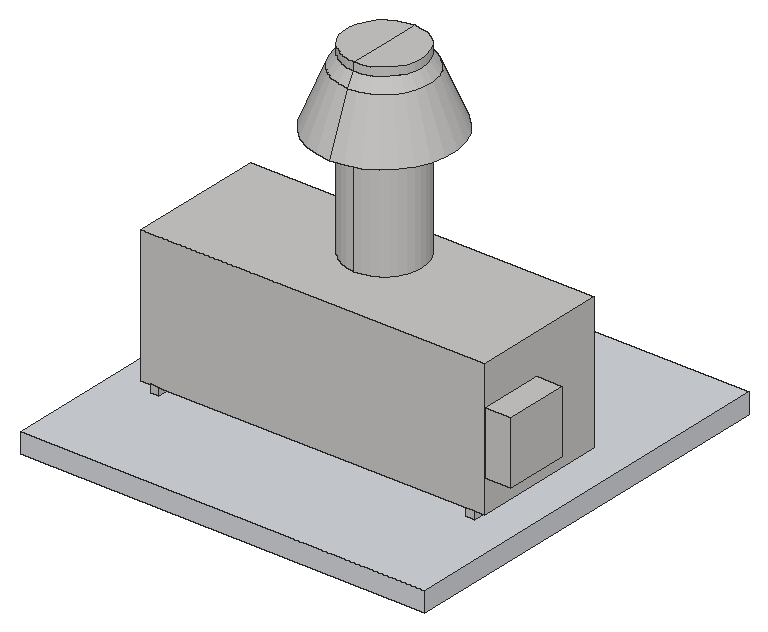
Revit family "DC_Rheem_PLM_Raypak_B1722ID", category Plumbing Fixtures, host Face, Revit 2017
Family settings
  Host = Face
  Round Connector Dimension = Use Radius
  Part Type = Normal
  Cut with Voids When Loaded = No
  Shared = No
  Room Calculation Point = No
Parameters
  Width_ANZRS = 825 mm
  URL = "http://www.rheem.com.au/downloads/PDF/Raypak_Mechanical_Heating_Brochure_July_09.pdf\r\n"
  Type Comments = "Recovery 6020L/h @ 50°C rise\r\n"
  Materials_ANZRS = Raypak - Grey Powder Coated Steel
  PRV_ANZRS = 15 mm
  Model = "B1722PCO/ID\r\n"
  Manufacturer = "Raypak\r\n"
  HotWaterOutletRadius_ANZRS = 32.5 mm
  HotWaterOutletDiameter_ANZRS = HotWaterOutletRadius_ANZRS * 2  # 65 mm
  Height_ANZRS = 1990 mm
  GasInletRadius_ANZRS = 20 mm
  GasInletHeight_ANZRS = 410 mm
  GasInletDiameter_ANZRS = GasInletRadius_ANZRS * 2  # 40 mm
  DesignBy_ANZRS = "Design Content ©"
  Description = "Raypak - Gas Water Heater- Indoor - 1581 MJ/h  Propane gas, On/Off gas control"
  Default Elevation = 0 mm
  ConnectionHeight_ANZRS = 755 mm
  ColdWaterInletRadius_ANZRS = 32.5 mm
  ColdWaterInletDiameter_ANZRS = ColdWaterInletRadius_ANZRS * 2  # 65 mm
  BoxHeight_ANZRS = 860 mm
  Author_ANZRS = "DM"
  Assembly Code = ""
Types (5, lengths in mm): name | URL | Type Comments | Model | GasInletRadius_ANZRS | GasInletDiameter_ANZRS | Description
  (no name) | "http://www.rheem.com.au/downloads/PDF/Raypak_Mechanical_Heating_Brochure_July_09.pdf\r\n" | "Recovery 6020L/h @ 50°C rise\r\n" | "B1722PCO/ID\r\n" | 20 | 40 | "Raypak - Gas Water Heater- Indoor - 1581 MJ/h  Propane gas, On/Off gas control"
  Raypak - Gas Water Heater- Indoor - 1719 MJ/h  Natural gas, modulating gas control | "http://www.rheem.com.au/CommercialProducts" | "Recovery 6536L/h @ 50°C rise\r\n" | "B1722NCM/ID\r\n" | 25 | 50 | "Raypak - Gas Water Heater- Indoor - 1719 MJ/h  Natural gas, modulating gas control"
  Raypak - Gas Water Heater- Indoor - 1719 MJ/h  Natural gas, On/Off gas control | "http://www.rheem.com.au/CommercialProducts" | "Recovery 6536L/h @ 50°C rise\r\n" | "B1722NCO/ID\r\n" | 25 | 50 | "Raypak - Gas Water Heater- Indoor - 1719 MJ/h  Natural gas, On/Off gas control\r\n"
  Raypak - Gas Water Heater- Indoor - 1581 MJ/h  Propane gas, modulating gas control | "http://www.rheem.com.au/CommercialProducts" | "Recovery 6020L/h @ 50°C rise\r\n" | "B1722PCM/ID\r\n" | 12.5 | 25 | "Raypak - Gas Water Heater- Indoor - 1581 MJ/h  Propane gas, modulating gas control\r\n"
  Raypak - Gas Water Heater- Indoor - 1581 MJ/h  Propane gas, On/Off gas control | "http://www.rheem.com.au/CommercialProducts" | "Recovery 6020L/h @ 50°C rise\r\n" | "B1722PCO/ID\r\n" | 20 | 40 | "Raypak - Gas Water Heater- Indoor - 1581 MJ/h  Propane gas, On/Off gas control"
Reference planes
  plane 1 "Center (Front/Back)": y = 0
  plane 2: z = 0
  plane 3 "Center (Left/Right)": x = 0
  plane 4: z = 1990
  plane 5: z = 860
  plane 6: z = 755
  plane 7: z = 410
  plane 8: y = 285
  plane 9: y = -540
  plane 10: y = 200
  plane 11: y = 130
  plane 12: y = -150
  plane 13: y = -410
  plane 14: y = 227.5
  plane 15: y = -227.5
  plane 16: x = -1035
  plane 17: x = 1035
  plane 18: x = -1085
  plane 19: x = -975
  plane 20: x = -925
  plane 21: x = 925
  plane 22: x = 975
  plane 23: z = 45
  plane 24: z = 245
  plane 25: z = 625
  plane 26: x = 1195
  plane 27: z = 1539.364
  plane 28: z = 1869.164
  plane 29: z = 1941.464
  plane 30: y = -227.5
  plane 31: y = -155
Forms (mm)
  Extrusion 1, solid
    sketch origin (0, 0, 0) x (1, 0, 0) y (0, 1, 0)
      loop
        line (-1219.2, 1219.2) -> (-1219.2, -1219.2) -> (1219.2, -1219.2) -> (1219.2, 1219.2) -> (-1219.2, 1219.2)
    from 0 to -120
  Extrusion 2, solid, material "Raypak - Grey Powder Coated Steel" <- "Materials_ANZRS"
    sketch origin (0, 0, 0) x (1, 0, 0) y (0, 1, 0)
      loop
        line (-1035, 285) -> (-1035, -540) -> (1035, -540) -> (1035, 285) -> (-1035, 285)
    from 45 to 860
  Revolve 3, solid, material "Raypak - Grey Powder Coated Steel" <- "Materials_ANZRS"
    sketch origin (0, 0, 105) x (0, 1, 0) y (0, 0, 1)
      loop
        line (0, 1885) -> (-227.5, 1885) -> (-227.5, 1836.464) -> (-276.845, 1764.164) -> (-410.093, 1434.364) -> (-227.5, 1434.364) -> (-227.5, 755) -> (0, 755) -> (0, 1885)
      axis (0, 1885) -> (0, 755)
    angle from 0 to 360
  Extrusion 4, void
    sketch origin (0, 0, 0) x (0, 1, 0) y (0, 0, 1)
      loop
        circle (200, 755) r 15
      loop
        circle (130, 755) r 32.5
      loop
        circle (-150, 755) r 32.5
    from -1035 to -856.802
  Extrusion 5, solid, material "Raypak - Grey Powder Coated Steel" <- "Materials_ANZRS"
    sketch origin (0, 0, 0) x (0, 1, 0) y (0, 0, 1)
      loop
        circle (-410, 410) r 20
    from -1085 to -1035
  Extrusion 6, solid, material "Raypak - Grey Powder Coated Steel" <- "Materials_ANZRS"
    sketch origin (0, 0, 0) x (1, 0, 0) y (0, 0, 1)
      loop
        line (-925, 0) -> (-925, 45) -> (-975, 45) -> (-975, 0) -> (-925, 0)
      loop
        line (975, 0) -> (975, 45) -> (925, 45) -> (925, 0) -> (975, 0)
    from -285 to 540
  Extrusion 7, solid, material "Raypak - Grey Powder Coated Steel" <- "Materials_ANZRS"
    sketch origin (0, 0, 0) x (1, 0, 0) y (0, 0, 1)
      loop
        line (1035, 625) -> (1035, 245) -> (1195, 245) -> (1195, 625) -> (1035, 625)
    from 155 to 540
Cuts and joins
  Extrusion 4 cuts Extrusion 2
Lines and regions (mm)
  Masking region 1
    outline origin (0, 0, 0) x (1, 0, 0) y (0, 1, 0)
      loop
        line (-1035, -540) -> (1035, -540) -> (1195, -540) -> (1195, -155) -> (1035, -155) -> (1035, 285) -> (294.875, 285)
        arc (294.875, 285) -> (160.156, 377.526) -> (0, 410.093) r 410.093
        arc (0, 410.093) -> (-160.156, 377.526) -> (-294.875, 285) r 410.093
        line (-294.875, 285) -> (-1035, 285) -> (-1035, -540)
  Masking region 2
    outline origin (0, 0, 0) x (1, 0, 0) y (0, 0, 1)
      loop
        line (-975, 0) -> (-925, 0) -> (-925, 45) -> (925, 45) -> (925, 0) -> (975, 0) -> (975, 45) -> (1035, 45) -> (1035, 245) -> (1195, 245) -> (1195, 625) -> (1035, 625) -> (1035, 860) -> (227.5, 860) -> (227.5, 1539.364) -> (410.093, 1539.364) -> (276.845, 1869.164) -> (227.5, 1941.464) -> (227.5, 1990) -> (0, 1990) -> (-227.5, 1990) -> (-227.5, 1941.464) -> (-276.845, 1869.164) -> (-410.093, 1539.364) -> (-227.5, 1539.364) -> (-227.5, 860) -> (-1035, 860) -> (-1035, 45) -> (-975, 45) -> (-975, 0)
  Masking region 3
    outline origin (0, 0, 0) x (0, 1, 0) y (0, 0, 1)
      loop
        line (-227.5, 1990) -> (-227.5, 1941.464) -> (-276.845, 1869.164) -> (-410.093, 1539.364) -> (-227.5, 1539.364) -> (-227.5, 860) -> (-540, 860) -> (-540, 0) -> (285, 0) -> (285, 860) -> (227.5, 860) -> (227.5, 1539.364) -> (410.093, 1539.364) -> (276.845, 1869.164) -> (227.5, 1941.464) -> (227.5, 1990) -> (-227.5, 1990)
  symbolic lines, style "Rheem Raypak", detail levels fine
    curve 1: line (0, 285, 0) -> (0, 285, 860)
    curve 2: line (0, 285, 860) -> (0, -540, 860)
    curve 3: line (0, -540, 860) -> (0, -540, 0)
    curve 4: arc (0, 97.5, 755) -> (0, 130, 722.5) -> (0, 162.5, 755) r 32.5
    curve 5: arc (0, 162.5, 755) -> (0, 130, 787.5) -> (0, 97.5, 755) r 32.5
    curve 6: arc (0, 185, 755) -> (0, 200, 740) -> (0, 215, 755) r 15
    curve 7: arc (0, 215, 755) -> (0, 200, 770) -> (0, 185, 755) r 15
    curve 8: arc (0, -182.5, 755) -> (0, -150, 722.5) -> (0, -117.5, 755) r 32.5
    curve 9: arc (0, -117.5, 755) -> (0, -150, 787.5) -> (0, -182.5, 755) r 32.5
    curve 10: arc (0, -390, 410) -> (0, -410, 390) -> (0, -430, 410) r 20
    curve 11: arc (0, -430, 410) -> (0, -410, 430) -> (0, -390, 410) r 20
    curve 12: line (0, -540, 45) -> (0, 285, 45)
    curve 13: line (0, -540, 0) -> (0, 285, 0)
    curve 14: line (-227.5, 0, 1990) -> (203.249, 0, 1990)
    curve 15: line (-227.5, 0, 1941.464) -> (227.5, 0, 1941.464)
    curve 16: line (-276.845, 0, 1869.164) -> (276.845, 0, 1869.164)
    curve 17: line (-410.093, 0, 1539.364) -> (410.093, 0, 1539.364)
    curve 18: line (1035, 0, 860) -> (-1035, 0, 860)
    curve 19: line (-1035, 0, 45) -> (1035, 0, 45)
    curve 20: line (925, 0, 0) -> (975, 0, 0)
    curve 21: line (-975, 0, 0) -> (-925, 0, 0)
    curve 22: line (1195, 0, 625) -> (1035, 0, 625)
    curve 23: line (1035, 0, 245) -> (1195, 0, 245)
    curve 24: line (1195, 0, 245) -> (1195, 0, 625)
    curve 25: line (227.5, 0, 1539.364) -> (227.5, 0, 860)
    curve 26: line (-227.5, 0, 1990) -> (-227.5, 0, 1941.464)
    curve 27: line (-410.093, 0, 1539.364) -> (-276.845, 0, 1869.164)
    curve 28: line (-227.5, 0, 1539.364) -> (-227.5, 0, 860)
    curve 29: line (-975, 0, 45) -> (-975, 0, 0)
    curve 30: line (-925, 0, 0) -> (-925, 0, 45)
    curve 31: line (975, 0, 0) -> (975, 0, 45)
    curve 32: line (925, 0, 45) -> (925, 0, 0)
    curve 33: line (-1085, 0, 425) -> (-1085, 0, 395)
    curve 34: line (-1085, 0, 425) -> (-1035, 0, 425)
    curve 35: line (-1085, 0, 395) -> (-1035, 0, 395)
    curve 36: arc (0, -410.093, 0) -> (410.093, 0, 0) -> (0, 410.093, 0) r 410.093
    curve 37: arc (0, 410.093, 0) -> (-410.093, 0, 0) -> (0, -410.093, 0) r 410.093
    curve 38: arc (0, -227.5, 0) -> (-227.5, 0, 0) -> (0, 227.5, 0) r 227.5
    curve 39: arc (0, -276.845, 0) -> (-276.845, 0, 0) -> (0, 276.845, 0) r 276.845
    curve 40: arc (0, 227.5, 0) -> (227.5, 0, 0) -> (0, -227.5, 0) r 227.5
    curve 41: arc (0, 276.845, 0) -> (276.845, 0, 0) -> (0, -276.845, 0) r 276.845
    curve 42: line (1035, 285, 0) -> (294.875, 285, 0)
    curve 43: line (-1035, 285, 0) -> (-1035, -540, 0)
    curve 44: line (-1035, -540, 0) -> (1035, -540, 0)
    curve 45: line (1035, -540, 0) -> (1035, 285, 0)
    curve 46: line (1195, -540, 0) -> (1195, -155, 0)
    curve 47: line (1195, -155, 0) -> (1035, -155, 0)
    curve 48: line (1035, -540, 0) -> (1195, -540, 0)
    curve 49: line (-1085, -395, 0) -> (-1085, -425, 0)
    curve 50: line (-1085, -395, 0) -> (-1035, -395, 0)
    curve 51: line (-1085, -425, 0) -> (-1035, -425, 0)
    curve 52: line (0, 227.5, 1539.364) -> (0, 227.5, 860)
    curve 53: line (0, -227.5, 1539.364) -> (0, -227.5, 860)
    curve 54: line (-1035, 0, 860) -> (-1035, 0, 45)
    curve 55: line (1035, 0, 45) -> (1035, 0, 860)
    curve 56: line (-294.875, 285, 0) -> (-1035, 285, 0)
    curve 57: line (-410.093, 0, 1539.364) -> (-276.845, 0, 1869.164)
    curve 58: line (-227.5, 0, 1941.464) -> (-276.845, 0, 1869.164)
    curve 59: line (-227.5, 0, 1941.464) -> (-227.5, 0, 1990)
    curve 60: line (227.5, 0, 1990) -> (227.5, 0, 1941.464)
    curve 61: line (227.5, 0, 1941.464) -> (276.845, 0, 1869.164)
    curve 62: line (227.5, 0, 1941.464) -> (227.5, 0, 1990)
    curve 63: line (410.093, 0, 1539.364) -> (276.845, 0, 1869.164)
    curve 64: line (0, 227.5, 1941.464) -> (0, -227.5, 1941.464)
    curve 65: line (0, 276.845, 1869.164) -> (0, -276.845, 1869.164)
    curve 66: line (0, -227.5, 1990) -> (0, 227.5, 1990)
    curve 67: line (0, -410.093, 1539.364) -> (0, 410.093, 1539.364)
    curve 68: line (0, 227.5, 1990) -> (0, 227.5, 1941.464)
    curve 69: line (0, -227.5, 1990) -> (0, -227.5, 1941.464)
    curve 70: line (0, 410.093, 1539.364) -> (0, 276.845, 1869.164)
    curve 71: line (0, 276.845, 1869.164) -> (0, 227.5, 1941.464)
    curve 72: line (0, -410.093, 1539.364) -> (0, -276.845, 1869.164)
    curve 73: line (0, -276.845, 1869.164) -> (0, -227.5, 1941.464)
Dimensions and locks
  "Height_ANZRS": plane 4 to level
  "BoxHeight_ANZRS": plane 5 to level
  "ConnectionHeight_ANZRS": plane 6 to Extrusion 1
  "GasInletHeight_ANZRS": plane 7 to level
  plane 8 to plane 9 = 825 mm
  plane 8 to plane 10 = 85 mm
  plane 8 to plane 11 = 155 mm
  plane 11 to plane 12 = 280 mm
  plane 13 to plane 9 = 130 mm
  plane 1 "Center (Front/Back)" to plane 9 = 540 mm
  locked: plane 19 to plane 16 at 60
  locked: plane 20 to plane 19 at 50
  locked: plane 17 to plane 22 at 60
  locked: plane 22 to plane 21 at 50
  plane 23 to level = 45 mm
  plane 24 to level = 245 mm
  plane 25 to plane 24 = 380 mm
  locked: plane 17 to plane 26 at 160
  plane 4 to plane 29 to plane 28 to plane 27 = 48.536 mm locked, 72.3 mm locked, 329.8 mm locked
  equal spacing: plane 17, plane 3 "Center (Left/Right)", plane 16
  plane 17 to plane 16 = 2070 mm
  equal spacing: plane 14, plane 1 "Center (Front/Back)", plane 15
  plane 14 to plane 15 = 455 mm
  plane 1 "Center (Front/Back)" to plane 30 = 227.5 mm
  locked: plane 16 to plane 18 at 50
  "GasInletRadius_ANZRS": radius of Extrusion 5 sketch curve
  "HotWaterOutletRadius_ANZRS": radius of Extrusion 4 sketch curve
  "ColdWaterInletRadius_ANZRS": radius of Extrusion 4 sketch curve
  "PRV_ANZRS": radius of Extrusion 4 sketch curve
  aligned and locked: plane 2 to Extrusion 1
  aligned and locked: level to Extrusion 1
  aligned and locked: plane 8 to Extrusion 2 sketch curve
  aligned and locked: plane 16 to Extrusion 2 sketch curve
  aligned and locked: plane 9 to Extrusion 2 sketch curve
  aligned and locked: plane 17 to Extrusion 2 sketch curve
  aligned and locked: plane 5 to Extrusion 2
  aligned and locked: Revolve 3 sketch curve to plane 1 "Center (Front/Back)"
  aligned and locked: plane 11 to Extrusion 4 sketch curve
  aligned and locked: plane 10 to Extrusion 4 sketch curve
  aligned and locked: plane 6 to Extrusion 4 sketch curve  (x3)
  aligned and locked: Extrusion 4 to plane 16
  aligned and locked: plane 7 to Extrusion 5 sketch curve
  aligned and locked: plane 13 to Extrusion 5 sketch curve
  aligned and locked: plane 16 to Extrusion 5
  aligned and locked: Extrusion 5 to plane 18
  aligned and locked: Extrusion 2 to plane 23
  aligned and locked: level to Extrusion 6 sketch curve  (x2)
  aligned and locked: Extrusion 6 sketch curve to plane 20
  aligned and locked: Extrusion 6 sketch curve to plane 23
  aligned and locked: plane 19 to Extrusion 6 sketch curve
  aligned and locked: Extrusion 6 sketch curve to plane 22
  aligned and locked: plane 21 to Extrusion 6 sketch curve
  aligned and locked: plane 23 to Extrusion 6 sketch curve
  aligned and locked: Extrusion 6 to plane 8
  aligned and locked: Extrusion 6 to plane 9
  aligned and locked: plane 25 to Extrusion 7 sketch curve
  aligned and locked: Extrusion 7 sketch curve to plane 26
  aligned and locked: plane 24 to Extrusion 7 sketch curve
  aligned and locked: cut or joined group of Extrusion 2, Extrusion 4 to Extrusion 7 sketch curve
  aligned and locked: Extrusion 7 to plane 9
  aligned and locked: plane 12 to Extrusion 4 sketch curve
  aligned and locked: Revolve 3 sketch curve to plane 4
  aligned and locked: plane 5 to Revolve 3 sketch curve
  aligned and locked: plane 27 to Revolve 3 sketch curve
  aligned and locked: curve 1 to cut or joined group of Extrusion 2, Extrusion 4
  aligned and locked: curve 2 to cut or joined group of Extrusion 2, Extrusion 4
  aligned and locked: curve 3 to cut or joined group of Extrusion 2, Extrusion 4
  aligned and locked: curve 4 to cut or joined group of Extrusion 2, Extrusion 4
  aligned and locked: curve 5 to cut or joined group of Extrusion 2, Extrusion 4
  aligned and locked: curve 6 to cut or joined group of Extrusion 2, Extrusion 4
  aligned and locked: curve 7 to cut or joined group of Extrusion 2, Extrusion 4
  aligned and locked: curve 8 to cut or joined group of Extrusion 2, Extrusion 4
  aligned and locked: curve 9 to cut or joined group of Extrusion 2, Extrusion 4
  aligned and locked: curve 10 to Extrusion 5
  aligned and locked: curve 11 to Extrusion 5
  aligned and locked: curve 12 to cut or joined group of Extrusion 2, Extrusion 4
  aligned and locked: curve 13 to Extrusion 6
  aligned and locked: curve 14 to Revolve 3
  aligned and locked: curve 15 to plane 29
  aligned and locked: curve 16 to plane 28
  aligned and locked: curve 17 to Revolve 3
  aligned and locked: curve 18 to cut or joined group of Extrusion 2, Extrusion 4
  aligned and locked: curve 19 to cut or joined group of Extrusion 2, Extrusion 4
  aligned and locked: curve 20 to Extrusion 6
  aligned and locked: curve 21 to Extrusion 6
  aligned and locked: curve 22 to Extrusion 7
  aligned and locked: curve 23 to Extrusion 7
  aligned and locked: curve 24 to Extrusion 7
  aligned and locked: plane 5 to curve 28
  aligned and locked: plane 27 to curve 28
  aligned and locked: curve 29 to Extrusion 6
  aligned and locked: curve 30 to Extrusion 6
  aligned and locked: curve 31 to Extrusion 6
  aligned and locked: curve 32 to Extrusion 6
  aligned and locked: Extrusion 5 to curve 33
  aligned and locked: curve 36 to Revolve 3
  aligned and locked: curve 37 to Revolve 3
  aligned and locked: curve 38 to Revolve 3
  aligned and locked: curve 39 to Revolve 3
  aligned and locked: curve 40 to Revolve 3
  aligned and locked: curve 41 to Revolve 3
  aligned and locked: curve 42 to cut or joined group of Extrusion 2, Extrusion 4
  aligned and locked: curve 43 to cut or joined group of Extrusion 2, Extrusion 4
  aligned and locked: curve 44 to cut or joined group of Extrusion 2, Extrusion 4
  aligned and locked: curve 45 to cut or joined group of Extrusion 2, Extrusion 4
  aligned and locked: curve 46 to Extrusion 7
  aligned and locked: curve 47 to Extrusion 7
  aligned and locked: curve 48 to Extrusion 7
  aligned and locked: Extrusion 5 to curve 49
  aligned and locked: plane 14 to curve 52
  aligned and locked: curve 53 to plane 15
  aligned and locked: Masking region 1 sketch curve to curve 44
  aligned and locked: Masking region 1 sketch curve to curve 48
  aligned and locked: Masking region 1 sketch curve to curve 46
  aligned and locked: Masking region 1 sketch curve to curve 47
  aligned and locked: curve 45 to Masking region 1 sketch curve
  aligned and locked: Masking region 1 sketch curve to curve 42
  aligned and locked: Masking region 1 sketch curve to curve 37
  aligned and locked: Masking region 1 sketch curve to curve 36
  aligned and locked: Masking region 1 sketch curve to curve 56
  aligned and locked: Masking region 1 sketch curve to curve 43
  aligned and locked: plane 29 to Revolve 3 sketch curve
  aligned and locked: Revolve 3 sketch curve to plane 15
  aligned and locked: plane 15 to Revolve 3 sketch curve
  aligned and locked: Masking region 2 sketch curve to Extrusion 6  (x6)
  aligned and locked: Masking region 2 sketch curve to cut or joined group of Extrusion 2, Extrusion 4  (x4)
  aligned and locked: Masking region 2 sketch curve to curve 28
  aligned and locked: Masking region 2 sketch curve to Revolve 3  (x3)
  aligned and locked: Masking region 2 sketch curve to curve 58
  aligned and locked: Masking region 2 sketch curve to curve 59
  aligned and locked: Revolve 3 to Masking region 2 sketch curve
  aligned and locked: Masking region 2 sketch curve to curve 63
  aligned and locked: Masking region 2 sketch curve to curve 61
  aligned and locked: Masking region 2 sketch curve to curve 62
  aligned and locked: Masking region 2 sketch curve to curve 25
  aligned and locked: Masking region 2 sketch curve to Extrusion 7  (x3)
  aligned and locked: Masking region 3 sketch curve to Revolve 3  (x2)
  aligned and locked: Masking region 3 sketch curve to curve 52
  aligned and locked: Masking region 3 sketch curve to cut or joined group of Extrusion 2, Extrusion 4  (x3)
  aligned and locked: Masking region 3 sketch curve to Extrusion 6
  aligned and locked: Masking region 3 sketch curve to curve 53
  aligned and locked: plane 31 to Extrusion 7
Automatic sketch dimensions
  Extrusion 1 sketch curve to Extrusion 1 sketch curve = 2438.4 mm  (x2)
  curve 49 to plane 18 = 0 mm
  curve 50 to plane 16 = 0 mm
  plane 8 to curve 56 = 0 mm
  plane 8 to curve 42 = 0 mm
  curve 42 to plane 17 = 0 mm
  plane 1 "Center (Front/Back)" to curve 47 = 155 mm
  curve 47 to plane 26 = 0 mm
  curve 45 to plane 9 = 0 mm
  plane 13 to curve 51 = 15 mm
  curve 50 to plane 13 = 15 mm
  Revolve 3 sketch curve to plane 28 = 0 mm
  Revolve 3 sketch curve to plane 1 "Center (Front/Back)" = 0 mm
  Revolve 3 sketch curve to plane 15 = 49.345 mm
  plane 13 to Revolve 3 sketch curve = 0.093 mm
  Revolve 3 sketch curve to Revolve 3 sketch curve = 310 mm
  Revolve 3 sketch curve to Revolve 3 sketch curve = 130 mm
  Masking region 1 sketch curve to plane 17 = 0 mm
  Masking region 2 sketch curve to plane 3 "Center (Left/Right)" = 0 mm
  plane 17 to Masking region 2 sketch curve = 0 mm
  Masking region 2 sketch curve to plane 23 = 0 mm  (x2)
  Masking region 2 sketch curve to plane 5 = 0 mm
  curve 13 to level = 0 mm
  curve 13 to plane 9 = 0 mm
  curve 71 to plane 28 = 0 mm
  curve 1 to plane 5 = 0 mm
  curve 1 to plane 8 = 0 mm
  plane 13 to curve 67 = 0.093 mm
  curve 73 to plane 15 = 49.345 mm
  plane 8 to curve 71 = 8.155 mm
  curve 67 to plane 8 = 125.093 mm
  Masking region 3 sketch curve to plane 5 = 0 mm
  Masking region 3 sketch curve to plane 27 = 0 mm
  curve 68 to plane 4 = 0 mm
  curve 70 to plane 27 = 0 mm
  curve 71 to plane 29 = 0 mm
  curve 64 to plane 15 = 0 mm
  curve 66 to plane 14 = 0 mm
  curve 53 to plane 27 = 0 mm
  curve 52 to plane 27 = 0 mm
  Masking region 3 sketch curve to plane 28 = 0 mm  (x2)
  Masking region 3 sketch curve to plane 15 = 0 mm
  Masking region 3 sketch curve to plane 14 = 0 mm
  Masking region 3 sketch curve to plane 29 = 0 mm  (x2)
  plane 13 to Masking region 3 sketch curve = 0.093 mm
  Masking region 3 sketch curve to plane 15 = 49.345 mm
  plane 8 to Masking region 3 sketch curve = 8.155 mm
  Masking region 3 sketch curve to plane 8 = 125.093 mm
  Masking region 2 sketch curve to plane 28 = 0 mm
  Masking region 2 sketch curve to Masking region 2 sketch curve = 182.593 mm
  curve 33 to plane 18 = 0 mm
  curve 34 to plane 16 = 0 mm
  curve 29 to plane 19 = 0 mm
  curve 30 to plane 20 = 0 mm
  curve 26 to plane 4 = 0 mm
  curve 62 to plane 4 = 0 mm
  curve 60 to plane 4 = 0 mm
  curve 32 to level = 0 mm
  curve 32 to plane 21 = 0 mm
  curve 31 to plane 22 = 0 mm
  plane 17 to curve 55 = 0 mm
  curve 24 to plane 24 = 0 mm
  curve 24 to plane 26 = 0 mm
  curve 29 to level = 0 mm
  curve 31 to plane 23 = 0 mm
  curve 24 to plane 25 = 0 mm
  curve 17 to plane 3 "Center (Left/Right)" = 410.093 mm
  curve 57 to plane 3 "Center (Left/Right)" = 276.845 mm
  curve 16 to curve 26 = 49.345 mm
  curve 27 to curve 28 = 182.593 mm
  plane 3 "Center (Left/Right)" to curve 14 = 203.249 mm
  curve 14 to curve 62 = 24.251 mm
  plane 3 "Center (Left/Right)" to curve 25 = 227.5 mm
  curve 15 to curve 61 = 49.345 mm
  curve 25 to curve 63 = 182.593 mm
  curve 35 to plane 7 = 15 mm
  plane 7 to curve 34 = 15 mm
Connectors
  piping at (-1085, -410, 410), diameter 40, driven by "GasInletRadius_ANZRS"
    settings: on Extrusion 5, index 3, connector inside diameter 1.5748", connector length 0 mm, flow factor 0, pipe flow 0 GPM, pressure drop 0.00 psi, fitting loss kfactor 0, connector angle 0.00°, fixture units 0, engagement length 0 mm, angle of deflection 0.00°, flow configuration 1, flow direction 1, fitting loss method 0, system type 22, joint type 0, gender type 0, connector reference index -1, connector utility 0, adjustable connector no, is connector primary yes, connector description "Gas"
  piping at (-1035, -150, 755), diameter 65, driven by "ColdWaterInletRadius_ANZRS"
    settings: on cut or joined group of Extrusion 2, Extrusion 4, index 4, connector inside diameter 2.55906", connector length 0 mm, flow factor 0, pipe flow 0 GPM, pressure drop 0.00 psi, fitting loss kfactor 0, connector angle 0.00°, fixture units 0, engagement length 0 mm, angle of deflection 0.00°, flow configuration 1, flow direction 1, fitting loss method 0, system type 20, joint type 0, gender type 0, connector reference index -1, connector utility 0, adjustable connector no, is connector primary no, connector description ""
  piping at (-1035, 130, 755), diameter 65, driven by "HotWaterOutletRadius_ANZRS"
    settings: on cut or joined group of Extrusion 2, Extrusion 4, index 5, connector inside diameter 2.55906", connector length 0 mm, flow factor 0, pipe flow 0 GPM, pressure drop 0.00 psi, fitting loss kfactor 0, connector angle 0.00°, fixture units 0, engagement length 0 mm, angle of deflection 0.00°, flow configuration 1, flow direction 2, fitting loss method 0, system type 19, joint type 0, gender type 0, connector reference index -1, connector utility 0, adjustable connector no, is connector primary no, connector description ""
  piping at (-1035, 200, 755), diameter 30
    settings: on cut or joined group of Extrusion 2, Extrusion 4, index 6, connector inside diameter 1.1811", connector length 0 mm, flow factor 0, pipe flow 0 GPM, pressure drop 0.00 psi, fitting loss kfactor 0, connector angle 0.00°, fixture units 0, engagement length 0 mm, angle of deflection 0.00°, flow configuration 1, flow direction 2, fitting loss method 0, system type 22, joint type 0, gender type 0, connector reference index -1, connector utility 0, adjustable connector no, is connector primary no, connector description "PRV"
